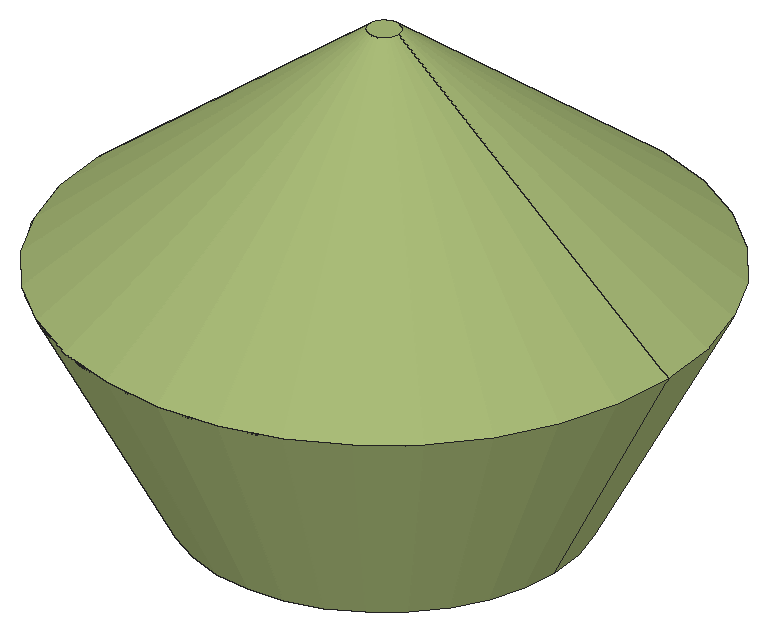
Revit family "Mantle Place Shrub", category Planting, Revit 2025
Family settings
  OmniClass Number = 23.40.05.00
  OmniClass Title = Plants and Planting Products
  Work Plane-Based = No
  Always vertical = Yes
  Cut with Voids When Loaded = No
  Render Appearance Source = Family Geometry
  Shared = No
Parameters
  Waist Height [instance] = Shrub Height * 0.5  # 750 mm
  Shrub Height [instance] = 1500 mm
  Height = 6000 mm
  Default Elevation = 0 mm
  Crown Radius [instance] = 1000 mm
  Base Radius [instance] = Crown Radius * 0.6  # 600 mm
  Apex Radius [instance] = Crown Radius * 0.05  # 50 mm
Reference planes
  plane 1 "Center (Front/Back)": y = 0
  plane 2: z = 0
  plane 3 "Center (Left/Right)": x = 0
Forms (mm)
  Blend 1, solid, material "Mantle Place Shrub Foliage"
    base sketch origin (0, 0, 0) x (1, 0, 0) y (0, 1, 0)
      loop
        circle (0, 0) r 600
    top sketch origin (0, 0, 0) x (1, 0, 0) y (0, 1, 0)
      loop
        circle (0, 0) r 1000
    from 0 to 750 <- "Waist Height"
  Blend 2, solid, material "Mantle Place Shrub Foliage"
    base sketch origin (0, 0, 0) x (1, 0, 0) y (0, 1, 0)
      loop
        circle (0, 0) r 1000
    top sketch origin (0, 0, 0) x (1, 0, 0) y (0, 1, 0)
      loop
        circle (0, 0) r 50
    from 750 <- "Waist Height" to 1500 <- "Shrub Height"
Dimensions and locks
  "Base Radius": radius of Blend 1 sketch curve  (x2)
  "Crown Radius": radius of Blend 1 sketch curve  (x2)
  "Crown Radius": radius of Blend 2 sketch curve  (x2)
  "Apex Radius": radius of Blend 2 sketch curve  (x2)
  aligned and locked: level to plane 2
Automatic sketch dimensions
  plane 1 "Center (Front/Back)" to Blend 1 sketch curve = 0 mm  (x2)
  Blend 1 sketch curve to plane 3 "Center (Left/Right)" = 0 mm  (x2)
  plane 1 "Center (Front/Back)" to Blend 2 sketch curve = 0 mm  (x2)
  Blend 2 sketch curve to plane 3 "Center (Left/Right)" = 0 mm  (x2)
